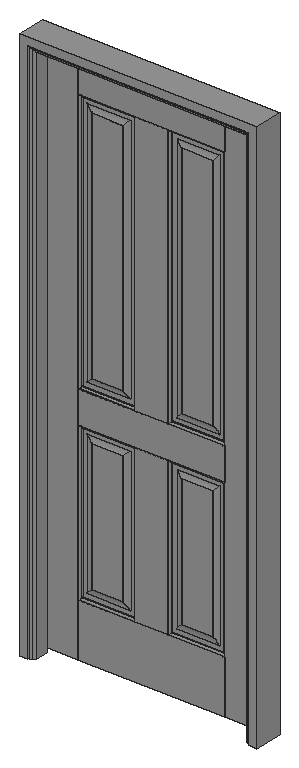
Revit family "H4PAN", category Doors, host Wall, Revit 2013
Parameters (values of type "H4PAN")
  Function = Interior
  Frame Projection Ext. = 25 mm
  Frame Projection Int. = 25 mm
  Frame Width = 75 mm
  Height = 2090 mm
  Wall Closure = By host
  Width = 889 mm
Reference planes
  plane 1: y = 0
  plane 2 "Center (Left/Right)": x = 0
  plane 3 "Left": x = -444.5
  plane 4 "Right": x = 444.5
  plane 5: z = 2090
  plane 6 "Exterior": y = 75
  plane 7 "Interior": y = -75
Forms (mm)
  Sweep 1, solid, material "Lauan, Meranti"
    path origin (0, 75, 0) x (1, 0, 0) y (0, 0, 1)
      loop
        line (444.5, 0) -> (444.5, 2090) -> (-444.5, 2090) -> (-444.5, 0)
    profile "Van Acht 105x50 Door Frame Routed Profile (Heavy) : Van Acht 105x50 Door Frame Routed Profile (Heavy)" origin (444.5, 75, 1045) x (-1, 0, 0) y (0, -1, 0)
      loop
        line (0, 22.5) -> (38, 22.5) -> (38, 67.5) -> (50, 67.5) -> (50, 112.5)
        arc (50, 112.5) -> (44.957, 114.29) -> (42.17, 118.859) r 8
        line (42.17, 118.859) -> (39, 118.859)
        arc (39, 118.859) -> (35.311, 122.973) -> (30, 124.5) r 10
        line (30, 124.5) -> (30, 127.5) -> (0, 127.5) -> (0, 22.5)
  Extrusion 2, solid, material "Lauan, Meranti"
    sketch origin (0, -85, 0) x (0, 1, 0) y (0, 0, 1)
      loop
        line (132.5, 20) -> (132.5, 221) -> (130.5, 221)
        arc (130.5, 221) -> (128.866, 225.67) -> (124.5, 228) r 6.807
        line (124.5, 228) -> (124.5, 230) -> (122.5, 230) -> (122.5, 215) -> (102.5, 215) -> (102.5, 230) -> (100.5, 230) -> (100.5, 228)
        arc (100.5, 228) -> (96.134, 225.67) -> (94.5, 221) r 6.807
        line (94.5, 221) -> (92.5, 221) -> (92.5, 20) -> (132.5, 20)
      loop
        line (132.5, 809) -> (132.5, 931) -> (130.5, 931)
        arc (130.5, 931) -> (128.866, 935.67) -> (124.5, 938) r 6.807
        line (124.5, 938) -> (124.5, 940) -> (122.5, 940) -> (122.5, 925) -> (102.5, 925) -> (102.5, 940) -> (100.5, 940) -> (100.5, 938)
        arc (100.5, 938) -> (96.134, 935.67) -> (94.5, 931) r 6.807
        line (94.5, 931) -> (92.5, 931) -> (92.5, 809) -> (94.5, 809)
        arc (94.5, 809) -> (96.134, 804.33) -> (100.5, 802) r 6.807
        line (100.5, 802) -> (100.5, 800) -> (102.5, 800) -> (102.5, 815) -> (122.5, 815) -> (122.5, 800) -> (124.5, 800) -> (124.5, 802)
        arc (124.5, 802) -> (128.866, 804.33) -> (130.5, 809) r 6.807
        line (130.5, 809) -> (132.5, 809)
      loop
        line (130.5, 1921) -> (132.5, 1921) -> (132.5, 2052) -> (92.5, 2052) -> (92.5, 1921) -> (94.5, 1921)
        arc (94.5, 1921) -> (96.134, 1916.33) -> (100.5, 1914) r 6.807
        line (100.5, 1914) -> (100.5, 1912) -> (102.5, 1912) -> (102.5, 1927) -> (122.5, 1927) -> (122.5, 1912) -> (124.5, 1912) -> (124.5, 1914)
        arc (124.5, 1914) -> (128.866, 1916.33) -> (130.5, 1921) r 6.807
    from -275.5 to 275.5
  Extrusion 3, solid, material "Lauan, Meranti"
    sketch origin (0, 0, 0) x (1, 0, 0) y (0, 1, 0)
      loop
        line (-406.5, 47.5) -> (-406.5, 7.5) -> (-275.5, 7.5) -> (-275.5, 9.5)
        arc (-275.5, 9.5) -> (-270.765, 11.06) -> (-268.5, 15.5) r 6.549
        line (-268.5, 15.5) -> (-266.5, 15.5) -> (-266.5, 17.5) -> (-281.5, 17.5) -> (-281.5, 37.5) -> (-266.5, 37.5) -> (-266.5, 39.5) -> (-268.5, 39.5)
        arc (-268.5, 39.5) -> (-270.765, 43.94) -> (-275.5, 45.5) r 6.549
        line (-275.5, 45.5) -> (-275.5, 47.5) -> (-406.5, 47.5)
      loop
        line (406.5, 47.5) -> (275.5, 47.5) -> (275.5, 45.5)
        arc (275.5, 45.5) -> (270.765, 43.94) -> (268.5, 39.5) r 6.549
        line (268.5, 39.5) -> (266.5, 39.5) -> (266.5, 37.5) -> (281.5, 37.5) -> (281.5, 17.5) -> (266.5, 17.5) -> (266.5, 15.5) -> (268.5, 15.5)
        arc (268.5, 15.5) -> (270.765, 11.06) -> (275.5, 9.5) r 6.549
        line (275.5, 9.5) -> (275.5, 7.5) -> (406.5, 7.5) -> (406.5, 47.5)
    from 20 to 2052
  Sweep 4, solid, material "Lauan, Meranti"
    path origin (0, 75, 0) x (1, 0, 0) y (0, 0, 1)
      loop
        line (275.5, 1921) -> (61, 1921) -> (61, 931) -> (275.5, 931) -> (275.5, 1921)
    profile origin (168.25, 75, 1921) x (0, 0, -1) y (0, -1, 0)
      loop
        line (-4.5, 57.5) -> (-4.5, 37.5) -> (25.727, 37.5)
        arc (25.727, 37.5) -> (37.468, 35.847) -> (48.5, 31.5) r 50.456
        line (48.5, 31.5) -> (48.5, 63.5)
        arc (48.5, 63.5) -> (37.468, 59.153) -> (25.727, 57.5) r 50.456
        line (25.727, 57.5) -> (-4.5, 57.5)
  Sweep 5, solid, material "Lauan, Meranti"
    path origin (0, 75, 0) x (1, 0, 0) y (0, 0, 1)
      loop
        line (275.5, 809) -> (61, 809) -> (61, 221) -> (275.5, 221) -> (275.5, 809)
    profile origin (168.25, 75, 809) x (0, 0, -1) y (0, -1, 0)
      loop
        line (-4.5, 57.5) -> (-4.5, 37.5) -> (25.727, 37.5)
        arc (25.727, 37.5) -> (37.468, 35.847) -> (48.5, 31.5) r 50.456
        line (48.5, 31.5) -> (48.5, 63.5)
        arc (48.5, 63.5) -> (37.468, 59.153) -> (25.727, 57.5) r 50.456
        line (25.727, 57.5) -> (-4.5, 57.5)
  Extrusion 6, solid, material "Lauan, Meranti"
    sketch origin (0, 75, 0) x (1, 0, 0) y (0, 0, 1)
      loop
        line (227, 760.5) -> (109.5, 760.5) -> (109.5, 269.5) -> (227, 269.5) -> (227, 760.5)
    from 31.5 to 63.5
  Extrusion 7, solid, material "Lauan, Meranti"
    sketch origin (0, 75, 715) x (1, 0, 0) y (0, 0, 1)
      loop
        line (227, 1157.5) -> (109.5, 1157.5) -> (109.5, 264.5) -> (227, 264.5) -> (227, 1157.5)
    from 31.5 to 63.5
  Extrusion 8, solid, material "Lauan, Meranti"
    sketch origin (0, 0, 0) x (1, 0, 0) y (0, 1, 0)
      loop
        line (-61, 7.5) -> (61, 7.5) -> (61, 9.5)
        arc (61, 9.5) -> (65.735, 11.06) -> (68, 15.5) r 6.549
        line (68, 15.5) -> (70, 15.5) -> (70, 17.5) -> (55, 17.5) -> (55, 37.5) -> (70, 37.5) -> (70, 39.5) -> (68, 39.5)
        arc (68, 39.5) -> (65.735, 43.94) -> (61, 45.5) r 6.549
        line (61, 45.5) -> (61, 47.5) -> (-61, 47.5) -> (-61, 45.5)
        arc (-61, 45.5) -> (-65.735, 43.94) -> (-68, 39.5) r 6.549
        line (-68, 39.5) -> (-70, 39.5) -> (-70, 37.5) -> (-55, 37.5) -> (-55, 17.5) -> (-70, 17.5) -> (-70, 15.5) -> (-68, 15.5)
        arc (-68, 15.5) -> (-65.735, 11.06) -> (-61, 9.5) r 6.549
        line (-61, 9.5) -> (-61, 7.5)
    from 221 to 809
  Extrusion 9, solid, material "Lauan, Meranti"
    sketch origin (0, 0, 710) x (1, 0, 0) y (0, 1, 0)
      loop
        line (-61, 7.5) -> (61, 7.5) -> (61, 9.5)
        arc (61, 9.5) -> (65.735, 11.06) -> (68, 15.5) r 6.549
        line (68, 15.5) -> (70, 15.5) -> (70, 17.5) -> (55, 17.5) -> (55, 37.5) -> (70, 37.5) -> (70, 39.5) -> (68, 39.5)
        arc (68, 39.5) -> (65.735, 43.94) -> (61, 45.5) r 6.549
        line (61, 45.5) -> (61, 47.5) -> (-61, 47.5) -> (-61, 45.5)
        arc (-61, 45.5) -> (-65.735, 43.94) -> (-68, 39.5) r 6.549
        line (-68, 39.5) -> (-70, 39.5) -> (-70, 37.5) -> (-55, 37.5) -> (-55, 17.5) -> (-70, 17.5) -> (-70, 15.5) -> (-68, 15.5)
        arc (-68, 15.5) -> (-65.735, 11.06) -> (-61, 9.5) r 6.549
        line (-61, 9.5) -> (-61, 7.5)
    from 221 to 1211
  Sweep 10, solid, material "Lauan, Meranti"
    path origin (-336.5, 75, 0) x (1, 0, 0) y (0, 0, 1)
      loop
        line (275.5, 1921) -> (61, 1921) -> (61, 931) -> (275.5, 931) -> (275.5, 1921)
    profile origin (-168.25, 75, 1921) x (0, 0, -1) y (0, -1, 0)
      loop
        line (-4.5, 57.5) -> (-4.5, 37.5) -> (25.727, 37.5)
        arc (25.727, 37.5) -> (37.468, 35.847) -> (48.5, 31.5) r 50.456
        line (48.5, 31.5) -> (48.5, 63.5)
        arc (48.5, 63.5) -> (37.468, 59.153) -> (25.727, 57.5) r 50.456
        line (25.727, 57.5) -> (-4.5, 57.5)
  Sweep 11, solid, material "Lauan, Meranti"
    path origin (-336.5, 75, 0) x (1, 0, 0) y (0, 0, 1)
      loop
        line (275.5, 809) -> (61, 809) -> (61, 221) -> (275.5, 221) -> (275.5, 809)
    profile origin (-168.25, 75, 809) x (0, 0, -1) y (0, -1, 0)
      loop
        line (-4.5, 57.5) -> (-4.5, 37.5) -> (25.727, 37.5)
        arc (25.727, 37.5) -> (37.468, 35.847) -> (48.5, 31.5) r 50.456
        line (48.5, 31.5) -> (48.5, 63.5)
        arc (48.5, 63.5) -> (37.468, 59.153) -> (25.727, 57.5) r 50.456
        line (25.727, 57.5) -> (-4.5, 57.5)
  Extrusion 12, solid, material "Lauan, Meranti"
    sketch origin (-336.5, 75, 0) x (1, 0, 0) y (0, 0, 1)
      loop
        line (227, 760.5) -> (109.5, 760.5) -> (109.5, 269.5) -> (227, 269.5) -> (227, 760.5)
    from 31.5 to 63.5
  Extrusion 13, solid, material "Lauan, Meranti"
    sketch origin (-336.5, 75, 715) x (1, 0, 0) y (0, 0, 1)
      loop
        line (227, 1157.5) -> (109.5, 1157.5) -> (109.5, 264.5) -> (227, 264.5) -> (227, 1157.5)
    from 31.5 to 63.5
Lines and regions (mm)
  Opening 1
    outline origin (-3050, -75, 0) x (1, 0, 0) y (0, 0, 1)
      loop
        line (2605.5, 0) -> (3494.5, 0) -> (3494.5, 2090) -> (2605.5, 2090) -> (2605.5, 0)
  symbolic lines, style "Elevation Swing"
    curve 1: line (444.5, -75, 1045) -> (-444.5, -75, 2090)
    curve 2: line (444.5, -75, 1045) -> (-444.5, -75, 0)
  model lines
    curve 3: line (406.5, 52.5, 0) -> (406.5, 865.5, 0)
    curve 4: arc (-406.5, 52.5, 0) -> (-168.378, 627.378, 0) -> (406.5, 865.5, 0) r 813
Text (mm)
  text "Exterior" at (-2295.016, 1099.543, 0), in view "Ref. Level"
  text "Exterior" at (0, 1615.38, 3698.081), in view "Left"
  text "Exterior" at (0, 1036.032, 3874.932), in view "Right"
Dimensions and locks
  equal spacing: plane 3 "Left", plane 2 "Center (Left/Right)", plane 4 "Right"
  "Width": plane 3 "Left" to plane 4 "Right"
  "Height": plane 5 to host wall
  equal spacing: host wall, curve 2, plane 5
  host wall to plane 5 = 2090 mm
  locked: plane 6 "Exterior" to host wall at 0
  locked: plane 7 "Interior" to host wall
  plane 3 "Left" to plane 4 "Right" = 889 mm
  Sweep 1 to Sweep 1 = 813 mm
  Extrusion 3 to Sweep 1 = 2032 mm
  aligned and locked: plane 3 "Left" to Opening 1 sketch curve
  aligned and locked: plane 5 to Opening 1 sketch curve  (x2)
  aligned and locked: Opening 1 sketch curve to plane 4 "Right"
  aligned and locked: Opening 1 sketch curve to level
  aligned and locked: plane 5 to curve 1
  aligned and locked: plane 3 "Left" to curve 2
  aligned and locked: plane 1 to host wall
  aligned and locked: plane 3 "Left" to curve 1
Automatic sketch dimensions
  plane 4 "Right" to curve 2 = 0 mm
  curve 2 to level = 0 mm
  plane 3 "Left" to Sweep 1 sketch curve = 0 mm
  plane 4 "Right" to Sweep 1 sketch curve = 0 mm
  Sweep 1 sketch curve to plane 5 = 0 mm
  Sweep 1 sketch curve to level = 0 mm  (x2)
  Extrusion 2 sketch curve to host wall = 7.5 mm  (x3)
  level to Extrusion 2 sketch curve = 20 mm
  Extrusion 2 sketch curve to Extrusion 2 sketch curve = 2 mm  (x22)
  Extrusion 2 sketch curve to Extrusion 2 sketch curve = 6 mm  (x12)
  Extrusion 2 sketch curve to Extrusion 2 sketch curve = 20 mm  (x4)
  Extrusion 2 sketch curve to host wall = 27.5 mm
  Extrusion 2 sketch curve to Extrusion 2 sketch curve = 1.197 mm  (x8)
  Extrusion 2 sketch curve to Extrusion 2 sketch curve = 195 mm
  Extrusion 2 sketch curve to Extrusion 2 sketch curve = 7 mm  (x8)
  Extrusion 2 sketch curve to Extrusion 2 sketch curve = 570 mm
  Extrusion 2 sketch curve to Extrusion 2 sketch curve = 0 mm  (x2)
  Extrusion 2 sketch curve to Extrusion 2 sketch curve = 6.241 mm  (x2)
  Extrusion 2 sketch curve to Extrusion 2 sketch curve = 110 mm
  plane 5 to Extrusion 2 sketch curve = 178 mm
  plane 5 to Extrusion 2 sketch curve = 38 mm
  Extrusion 3 sketch curve to host wall = 7.5 mm  (x2)
  Extrusion 3 sketch curve to plane 3 "Left" = 38 mm
  Extrusion 3 sketch curve to host wall = 37.5 mm  (x2)
  Extrusion 3 sketch curve to Extrusion 3 sketch curve = 125 mm
  Extrusion 3 sketch curve to Extrusion 3 sketch curve = 6 mm  (x7)
  Extrusion 3 sketch curve to Extrusion 3 sketch curve = 7 mm  (x4)
  Extrusion 3 sketch curve to Extrusion 3 sketch curve = 2 mm  (x11)
  plane 4 "Right" to Extrusion 3 sketch curve = 178 mm
  Extrusion 3 sketch curve to Extrusion 3 sketch curve = 0 mm
  plane 4 "Right" to Extrusion 3 sketch curve = 38 mm
  Extrusion 3 sketch curve to Extrusion 3 sketch curve = 0.473 mm  (x3)
  Extrusion 3 sketch curve to Extrusion 3 sketch curve = 6.527 mm
  Extrusion 3 sketch curve to Extrusion 3 sketch curve = 1.468 mm
  plane 2 "Center (Left/Right)" to Sweep 4 sketch curve = 61 mm
  plane 4 "Right" to Sweep 4 sketch curve = 169 mm
  level to Sweep 4 sketch curve = 931 mm
  plane 5 to Sweep 4 sketch curve = 169 mm
  profile plane to Sweep 4 sketch curve = 4.5 mm
  plane 6 "Exterior" to Sweep 4 sketch curve = 31.5 mm
  Sweep 4 sketch curve to profile plane = 25.727 mm
  Sweep 4 sketch curve to Sweep 4 sketch curve = 0 mm
  Sweep 4 sketch curve to Sweep 4 sketch curve = 22.773 mm
  Sweep 4 sketch curve to profile plane = 24.613 mm  (x2)
  Sweep 4 sketch curve to Sweep 4 sketch curve = 6 mm  (x2)
  Sweep 4 sketch curve to Sweep 4 sketch curve = 20 mm
  plane 2 "Center (Left/Right)" to Sweep 5 sketch curve = 61 mm
  level to Sweep 5 sketch curve = 221 mm
  plane 4 "Right" to Sweep 5 sketch curve = 169 mm
  Sweep 5 sketch curve to Sweep 5 sketch curve = 588 mm
  profile plane to Sweep 5 sketch curve = 4.5 mm
  plane 6 "Exterior" to Sweep 5 sketch curve = 31.5 mm
  Sweep 5 sketch curve to profile plane = 25.727 mm
  Sweep 5 sketch curve to Sweep 5 sketch curve = 0 mm
  Sweep 5 sketch curve to Sweep 5 sketch curve = 22.773 mm
  Sweep 5 sketch curve to profile plane = 24.613 mm  (x2)
  plane 6 "Exterior" to Sweep 5 sketch curve = 37.5 mm
  Sweep 5 sketch curve to Sweep 5 sketch curve = 20 mm
  Sweep 5 sketch curve to Sweep 5 sketch curve = 6 mm
  plane 2 "Center (Left/Right)" to Extrusion 6 sketch curve = 109.5 mm
  level to Extrusion 6 sketch curve = 269.5 mm
  Extrusion 6 sketch curve to Extrusion 6 sketch curve = 117.5 mm
  Extrusion 6 sketch curve to Extrusion 6 sketch curve = 491 mm
  plane 2 "Center (Left/Right)" to Extrusion 7 sketch curve = 109.5 mm
  plane 4 "Right" to Extrusion 7 sketch curve = 217.5 mm
  level to Extrusion 7 sketch curve = 979.5 mm
  plane 5 to Extrusion 7 sketch curve = 217.5 mm
  plane 4 "Right" to curve 3 = 38 mm
  host wall to curve 3 = 790.5 mm
  curve 4 to host wall = 22.5 mm
  curve 3 to curve 4 = 0 mm
  Extrusion 8 sketch curve to host wall = 35.5 mm
  Extrusion 8 sketch curve to plane 2 "Center (Left/Right)" = 70 mm
  Extrusion 8 sketch curve to host wall = 7.5 mm
  Extrusion 8 sketch curve to Extrusion 8 sketch curve = 0 mm
  Extrusion 8 sketch curve to Extrusion 8 sketch curve = 2 mm  (x11)
  Extrusion 8 sketch curve to Extrusion 8 sketch curve = 7 mm  (x4)
  Extrusion 8 sketch curve to Extrusion 8 sketch curve = 6 mm  (x6)
  Extrusion 8 sketch curve to host wall = 17.5 mm
  plane 2 "Center (Left/Right)" to Extrusion 8 sketch curve = 55 mm
  Extrusion 8 sketch curve to Extrusion 8 sketch curve = 6.527 mm  (x2)
  Extrusion 8 sketch curve to Extrusion 8 sketch curve = 0.473 mm  (x2)
  Extrusion 8 sketch curve to Extrusion 8 sketch curve = 20 mm
  Extrusion 9 sketch curve to host wall = 35.5 mm
  Extrusion 9 sketch curve to plane 2 "Center (Left/Right)" = 70 mm
  Extrusion 9 sketch curve to host wall = 7.5 mm
  Extrusion 9 sketch curve to Extrusion 9 sketch curve = 0 mm
  Extrusion 9 sketch curve to Extrusion 9 sketch curve = 2 mm  (x11)
  Extrusion 9 sketch curve to Extrusion 9 sketch curve = 7 mm  (x4)
  Extrusion 9 sketch curve to Extrusion 9 sketch curve = 6 mm  (x6)
  Extrusion 9 sketch curve to host wall = 17.5 mm
  plane 2 "Center (Left/Right)" to Extrusion 9 sketch curve = 55 mm
  Extrusion 9 sketch curve to Extrusion 9 sketch curve = 6.527 mm  (x2)
  Extrusion 9 sketch curve to Extrusion 9 sketch curve = 0.473 mm  (x2)
  Extrusion 9 sketch curve to Extrusion 9 sketch curve = 20 mm
  Sweep 10 sketch curve to plane 3 "Left" = 169 mm
  Sweep 10 sketch curve to plane 2 "Center (Left/Right)" = 61 mm
  level to Sweep 10 sketch curve = 931 mm
  plane 5 to Sweep 10 sketch curve = 169 mm
  profile plane to Sweep 10 sketch curve = 4.5 mm
  plane 6 "Exterior" to Sweep 10 sketch curve = 31.5 mm
  Sweep 10 sketch curve to profile plane = 25.727 mm
  Sweep 10 sketch curve to Sweep 10 sketch curve = 0 mm
  Sweep 10 sketch curve to Sweep 10 sketch curve = 22.773 mm
  Sweep 10 sketch curve to profile plane = 24.613 mm  (x2)
  Sweep 10 sketch curve to Sweep 10 sketch curve = 6 mm  (x2)
  Sweep 10 sketch curve to Sweep 10 sketch curve = 20 mm
  Sweep 11 sketch curve to plane 3 "Left" = 169 mm
  Sweep 11 sketch curve to plane 2 "Center (Left/Right)" = 61 mm
  level to Sweep 11 sketch curve = 221 mm
  Sweep 11 sketch curve to Sweep 11 sketch curve = 588 mm
  profile plane to Sweep 11 sketch curve = 4.5 mm
  plane 6 "Exterior" to Sweep 11 sketch curve = 31.5 mm
  Sweep 11 sketch curve to profile plane = 25.727 mm
  Sweep 11 sketch curve to Sweep 11 sketch curve = 0 mm
  Sweep 11 sketch curve to Sweep 11 sketch curve = 22.773 mm
  Sweep 11 sketch curve to profile plane = 24.613 mm  (x2)
  plane 6 "Exterior" to Sweep 11 sketch curve = 37.5 mm
  Sweep 11 sketch curve to Sweep 11 sketch curve = 20 mm
  Sweep 11 sketch curve to Sweep 11 sketch curve = 6 mm
  Extrusion 12 sketch curve to plane 3 "Left" = 217.5 mm
  Extrusion 12 sketch curve to plane 2 "Center (Left/Right)" = 109.5 mm
  level to Extrusion 12 sketch curve = 269.5 mm
  Extrusion 12 sketch curve to Extrusion 12 sketch curve = 491 mm
  Extrusion 13 sketch curve to plane 3 "Left" = 217.5 mm
  Extrusion 13 sketch curve to plane 2 "Center (Left/Right)" = 109.5 mm
  level to Extrusion 13 sketch curve = 979.5 mm
  plane 5 to Extrusion 13 sketch curve = 217.5 mm
